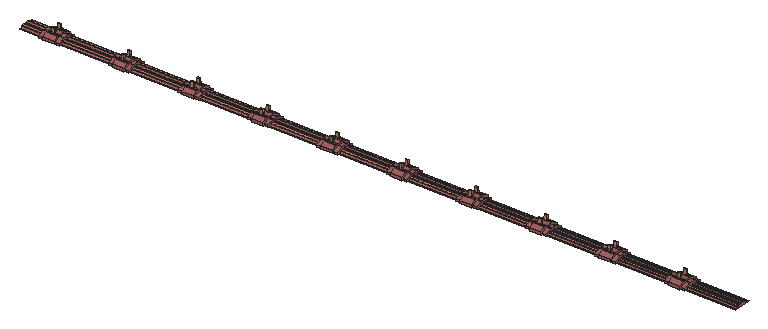
Revit family "BirdControl_Wire_BirdBGone_Jolt2002", category Specialty Equipment, Revit 2018
Family settings
  Round Connector Dimension = Use Diameter
  Part Type = Normal
  OmniClass Number = 23.40.10.14.14.99
  OmniClass Title = Other Manufactured Exterior Specialties
  Cut with Voids When Loaded = No
  Shared = No
  Room Calculation Point = No
Parameters (values of type "Wire System")
  Warranty Duration (Years) = 0
  URL = "http://www.birdbgone.com/"
  Test Data = "http://www.birdbgone.com/bird-control-product-msds"
  Supports_Array [instance] = if(Supports > 1, Supports, 2)  # 10
  Supports [instance] = if(not(Int < Length Div), Int, Int + 1)  # 10
  Spacing = 0' - 7"
  Int [instance] = Length Div  # 10
  Specification = "http://www.arcat.com/sdspecs/htm/10290bir.htm"
  SpecWizard = ""
  Send Message = "http://www.arcat.com/users.pl?action=UserEmail&company=Bird-B-Gone,%20Inc.&coid=38371&rep=147&fax=949-472-3116&mf="
  Sales Information = "http://www.birdbgone.com/bird-control-store/"
  Revision = "R1_10-2010"
  Product Properties = "http://www.arcat.com/bim/bim_info.pl?fn=BirdBGone"
  Product Data = "http://www.arcat.com/arcatcos/cos38/arc38371.html"
  Model = "As Specified in 10 81 19"
  Material = Plastic - Bird B Gone - Polycarbonate - Brick Red
  Manufacturer Website = "http://www.birdbgone.com/"
  Manufacturer Phone - Toll Free = "800-392-6915"
  Manufacturer Phone = "949-472-3122"
  Manufacturer Fax = "949-472-3116"
  Manufacturer Address = "23918 Skyline, Mission Viejo, CA 92692"
  Manufacturer = "Bird-B-Gone, Inc."
  Maintenance Schedule (Months) = 0
  Length Div [instance] = ([built-in parameter 1001306] - 0' 3") / Spacing  # 9.8571
  built-in parameter 1001306 [instance] = 6' - 0"
  Keynote = "10 81 19"
  Installation-Fabrication = "http://www.birdbgone.com/installation-instructions"
  Installation Phase = ""
  Green Building-LEED = "http://www.arcat.com/green/clients/leed_data_38371.html"
  Expected Lifespan (Years) = 0
  Drawn By = "Robert S. Weygant, CSI, CDT, SCIP"
  Description = "Bird Control Equipment as Specified in 10 81 19"
  Copyright = "2010 ARCAT, Inc."
  Construction Details = "http://www.arcat.com/details/birdbgon/birdbgon.html?coid=38371"
  Building Codes = "http://www.birdbgone.com/knowledge-center/"
  Assembly Code = "E1090900"
  Angle_Start [instance] = 0.00°
  Angle_End [instance] = 0.00°
Reference planes (in)
  plane 1 "Center (Front/Back)": y = 0
  plane 2: z = 0
  plane 3 "Left": x = 0
  plane 4 "Right": x = 72
  plane 5 "Wire": z = 1
Forms (in)
  Extrusion 1, void
    sketch origin (0, 0, 0) x (1, 0, 0) y (0, 1, 0)
      loop
        line (72, 1) -> (72, -0.875) -> (85, -0.875) -> (85, 1) -> (72, 1)
    from 0 to 1.38967
  Extrusion 2, void
    sketch origin (0, 0, 0) x (1, 0, 0) y (0, 1, 0)
      loop
        line (-13, 0.89512) -> (-13, -0.82796) -> (0, -0.82796) -> (0, 0.89512) -> (-13, 0.89512)
    from 0 to 1.60875
  Extrusion 3, solid, material "Plastic - Bird B Gone - Polycarbonate - Brick Red" <- "Material"
    sketch origin (0, 0, 0) x (0, 1, 0) y (0, 0, 1)
      loop
        line (-0.8125, 0) -> (0.8125, 0) -> (0.8125, 0.05302)
        arc (0.8125, 0.05302) -> (0.48535, 0.17766) -> (0.14046, 0.23777) r 1.831
        line (0.14046, 0.23777) -> (0.14046, 0.3071)
        arc (0.14046, 0.3071) -> (0, 0.3125) -> (-0.14046, 0.3071) r 1.831
        line (-0.14046, 0.3071) -> (-0.14046, 0.23777)
        arc (-0.14046, 0.23777) -> (-0.48535, 0.17766) -> (-0.8125, 0.05302) r 1.831
        line (-0.8125, 0.05302) -> (-0.8125, 0)
    from -2.40049 to 76.6163
  Extrusion 4, solid, material "Metal - Copper - Bird B Gone"
    sketch origin (0, 0, 0) x (0, 1, 0) y (0, 0, 1)
      loop
        arc (0.36195, 0.20703) -> (0.45768, 0.18504) -> (0.5521, 0.15794) r 1.831
        line (0.5521, 0.15794) -> (0.57274, 0.22062)
        arc (0.57274, 0.22062) -> (0.47505, 0.2498) -> (0.37589, 0.2735) r 1.831
        line (0.37589, 0.2735) -> (0.36195, 0.20703)
      loop
        line (-0.57274, 0.22062) -> (-0.5521, 0.15794)
        arc (-0.5521, 0.15794) -> (-0.45768, 0.18504) -> (-0.36195, 0.20703) r 1.831
        line (-0.36195, 0.20703) -> (-0.37589, 0.2735)
        arc (-0.37589, 0.2735) -> (-0.47505, 0.2498) -> (-0.57274, 0.22062) r 1.831
    from -2.40049 to 76.6163
Cuts and joins
  Extrusion 1, Extrusion 2 cuts Extrusion 3
  Extrusion 1, Extrusion 2 cuts Extrusion 4
Lines and regions (in)
  reference lines
    curve 1: line (0, 0, 0) -> (72, 0, 0)
    curve 2: line (0, 0, 1) -> (0, 1.91806, 1)
    curve 3: line (72, 0, 1) -> (72, 18.5, 1)
Dimensions and locks (in)
  "built-in parameter 1001306": plane 3 "Left" to plane 4 "Right"
  equal spacing: group 1, group 2, group 3, group 4, group 5, group 6, group 7, group 8, group 9, group 10  (x3)
  locked: plane 5 "Wire" to level at 1
  locked: plane 3 "Left" to nested 1 at 3
  locked: plane 4 "Right" to Extrusion 1 sketch curve at 13
  locked: Extrusion 2 sketch curve to plane 3 "Left" at 13
  Extrusion 2 sketch curve to plane 1 "Center (Front/Back)" to Extrusion 2 sketch curve = 0' - 0.82796" locked, 0' - 0.89512" locked
  Extrusion 1 sketch curve to plane 1 "Center (Front/Back)" to Extrusion 1 sketch curve = 0' - 0 7/8" locked, 0' - 1" locked
  locked: plane 4 "Right" to Extrusion 3 at 4.6163
  locked: plane 4 "Right" to Extrusion 4 at 4.6163
  "Spacing": nested 1 to nested 2
  "Angle_End": angle plane 4 "Right" to curve 3
  "Angle_Start": angle plane 3 "Left" to curve 2
  aligned and locked: plane 4 "Right" to curve 1
  aligned and locked: plane 3 "Left" to curve 1
  aligned and locked: Extrusion 1 sketch curve to curve 3
  aligned and locked: Extrusion 2 sketch curve to curve 2
Automatic sketch dimensions
  curve 1 to plane 1 "Center (Front/Back)" = 0' - 0"
  curve 3 to plane 1 "Center (Front/Back)" = 0' - 0"
  curve 3 to plane 4 "Right" = 0' - 0"
  curve 2 to plane 1 "Center (Front/Back)" = 0' - 0"
  curve 2 to plane 3 "Left" = 0' - 0"
  Extrusion 3 sketch curve to Extrusion 3 sketch curve = 0' - 0"  (x2)
  Extrusion 3 sketch curve to level = 0' - 0"
  Extrusion 3 sketch curve to plane 1 "Center (Front/Back)" = 0' - 0"  (x2)
  plane 1 "Center (Front/Back)" to Extrusion 3 sketch curve = 0' - 0.14046"
  Extrusion 3 sketch curve to Extrusion 3 sketch curve = 0' - 0.67204"  (x2)
  Extrusion 3 sketch curve to plane 1 "Center (Front/Back)" = 0' - 0.14046"
  level to Extrusion 3 sketch curve = 0' - 0.05302"
  Extrusion 3 sketch curve to level = 0' - 1.5185"
  Extrusion 3 sketch curve to Extrusion 3 sketch curve = 0' - 0.06934"  (x2)
  Extrusion 3 sketch curve to Extrusion 3 sketch curve = 0' - 0.05302"
  Extrusion 4 sketch curve to Extrusion 4 sketch curve = 0' - 0"  (x4)
  Extrusion 4 sketch curve to plane 1 "Center (Front/Back)" = 0' - 0"  (x2)
  plane 1 "Center (Front/Back)" to Extrusion 4 sketch curve = 0' - 0.36195"
  Extrusion 4 sketch curve to Extrusion 4 sketch curve = 0' - 0.01394"  (x2)
  Extrusion 4 sketch curve to Extrusion 4 sketch curve = 0' - 0.19015"  (x2)
  Extrusion 4 sketch curve to Extrusion 4 sketch curve = 0' - 0.02064"  (x2)
  level to Extrusion 4 sketch curve = 0' - 0 53/256"
  Extrusion 4 sketch curve to plane 1 "Center (Front/Back)" = 0' - 0.36195"
  level to Extrusion 4 sketch curve = 0' - 0.2735"
  level to Extrusion 4 sketch curve = 0' - 0.15794"  (x2)
  level to Extrusion 4 sketch curve = 0' - 0.22062"
  Extrusion 4 sketch curve to Extrusion 4 sketch curve = 0' - 0.06268"
Nested families (in)
  nested 1: "Support_Jolt" at (3, 0, 0) x (0, 1, 0) z (0, 0, 1), Material <- "Material", type "BirdBGone template - Standalone"
    with offset 0' - 0", Unit Height 0' - 0 3/4", Material Plastic - Bird B Gone - Polycarbonate - Brick Red
  nested 2: "Support_Jolt" at (10, 0, 0) x (0, 1, 0) z (0, 0, 1), Material <- "Material", type "BirdBGone template - Standalone"
    with offset 0' - 0", Unit Height 0' - 0 3/4", Material Plastic - Bird B Gone - Polycarbonate - Brick Red
  nested 3: "Support_Jolt" at (17, 0, 0) x (0, 1, 0) z (0, 0, 1), Material <- "Material", type "BirdBGone template - Standalone"
    with offset 0' - 0", Unit Height 0' - 0 3/4", Material Plastic - Bird B Gone - Polycarbonate - Brick Red
  nested 4: "Support_Jolt" at (24, 0, 0) x (0, 1, 0) z (0, 0, 1), Material <- "Material", type "BirdBGone template - Standalone"
    with offset 0' - 0", Unit Height 0' - 0 3/4", Material Plastic - Bird B Gone - Polycarbonate - Brick Red
  nested 5: "Support_Jolt" at (31, 0, 0) x (0, 1, 0) z (0, 0, 1), Material <- "Material", type "BirdBGone template - Standalone"
    with offset 0' - 0", Unit Height 0' - 0 3/4", Material Plastic - Bird B Gone - Polycarbonate - Brick Red
  nested 6: "Support_Jolt" at (38, 0, 0) x (0, 1, 0) z (0, 0, 1), Material <- "Material", type "BirdBGone template - Standalone"
    with offset 0' - 0", Unit Height 0' - 0 3/4", Material Plastic - Bird B Gone - Polycarbonate - Brick Red
  nested 7: "Support_Jolt" at (45, 0, 0) x (0, 1, 0) z (0, 0, 1), Material <- "Material", type "BirdBGone template - Standalone"
    with offset 0' - 0", Unit Height 0' - 0 3/4", Material Plastic - Bird B Gone - Polycarbonate - Brick Red
  nested 8: "Support_Jolt" at (52, 0, 0) x (0, 1, 0) z (0, 0, 1), Material <- "Material", type "BirdBGone template - Standalone"
    with offset 0' - 0", Unit Height 0' - 0 3/4", Material Plastic - Bird B Gone - Polycarbonate - Brick Red
  nested 9: "Support_Jolt" at (59, 0, 0) x (0, 1, 0) z (0, 0, 1), Material <- "Material", type "BirdBGone template - Standalone"
    with offset 0' - 0", Unit Height 0' - 0 3/4", Material Plastic - Bird B Gone - Polycarbonate - Brick Red
  nested 10: "Support_Jolt" at (66, 0, 0) x (0, 1, 0) z (0, 0, 1), Material <- "Material", type "BirdBGone template - Standalone"
    with offset 0' - 0", Unit Height 0' - 0 3/4", Material Plastic - Bird B Gone - Polycarbonate - Brick Red
Definition of nested family "Support_Jolt"
  Parameters
    offset [instance] = 0' - 0"
    Warranty Duration (Years) = 0
    Unit Width = 0' - 7"
    Unit Height [instance] = 0' - 0 3/4"
    Unit Depth = 0' - 0 1/4"
    URL = "http://www.birdbgone.com/"
    Test Data = "http://www.birdbgone.com/bird-control-product-msds"
    Specification = "http://www.arcat.com/sdspecs/htm/10290bir.htm"
    SpecWizard = ""
    Send Message = "http://www.arcat.com/users.pl?action=UserEmail&company=Bird-B-Gone,%20Inc.&coid=38371&rep=147&fax=949-472-3116&mf="
    Sales Information = "http://www.birdbgone.com/bird-control-store/"
    Revision = "R1_10-2010"
    Product Properties = "http://www.arcat.com/bim/bim_info.pl?fn=BirdBGone"
    Product Data = "http://www.arcat.com/arcatcos/cos38/arc38371.html"
    Model = "As Specified in 10 81 19"
    Material [instance] = none
    Manufacturer Website = "http://www.birdbgone.com/"
    Manufacturer Phone - Toll Free = "800-392-6915"
    Manufacturer Phone = "949-472-3122"
    Manufacturer Fax = "949-472-3116"
    Manufacturer Address = "23918 Skyline, Mission Viejo, CA 92692"
    Manufacturer = "Bird-B-Gone, Inc."
    Maintenance Schedule (Months) = 0
    Keynote = "10 81 19"
    Installation-Fabrication = "http://www.birdbgone.com/installation-instructions"
    Installation Phase = ""
    Green Building-LEED = "http://www.arcat.com/green/clients/leed_data_38371.html"
    Expected Lifespan (Years) = 0
    Drawn By = "Robert S. Weygant, CSI, CDT, SCIP"
    Description = "Bird Control Equipment as Specified in 10 81 19"
    Copyright = "wt"
    Construction Details = "http://www.arcat.com/details/birdbgon/birdbgon.html?coid=38371"
    Building Codes = "http://www.birdbgone.com/knowledge-center/"
    Assembly Code = "E1090900"
  Reference planes (in)
    plane 1 "Center (Front/Back)": y = 0
    plane 2 "Bottom": z = 0
    plane 3 "Center (Left/Right)": x = 0
  Forms (in)
    Extrusion 1, solid, material <- "Material"
      sketch origin (0, 0, 0) x (1, 0, 0) y (0, 0, 1)
        loop
          line (-0.90625, 0) -> (-0.8125, 0) -> (-0.8125, 0.05302)
          arc (-0.8125, 0.05302) -> (-0.68431, 0.11048) -> (-0.5521, 0.15794) r 1.831
          line (-0.5521, 0.15794) -> (-0.57274, 0.22062)
          arc (-0.57274, 0.22062) -> (-0.47505, 0.2498) -> (-0.37589, 0.2735) r 1.831
          line (-0.37589, 0.2735) -> (-0.36195, 0.20703)
          arc (-0.36195, 0.20703) -> (-0.25167, 0.22578) -> (-0.14046, 0.23777) r 1.831
          line (-0.14046, 0.23777) -> (-0.14046, 0.3071)
          arc (-0.14046, 0.3071) -> (0, 0.3125) -> (0.14046, 0.3071) r 1.831
          line (0.14046, 0.3071) -> (0.14046, 0.23777)
          arc (0.14046, 0.23777) -> (0.25167, 0.22578) -> (0.36195, 0.20703) r 1.831
          line (0.36195, 0.20703) -> (0.37589, 0.2735)
          arc (0.37589, 0.2735) -> (0.47505, 0.2498) -> (0.57274, 0.22062) r 1.831
          line (0.57274, 0.22062) -> (0.5521, 0.15794)
          arc (0.5521, 0.15794) -> (0.68431, 0.11048) -> (0.8125, 0.05302) r 1.831
          line (0.8125, 0.05302) -> (0.8125, 0) -> (0.90625, 0) -> (0.90625, 0.16592) -> (0.25447, 0.39035) -> (0.25447, 0.4375) -> (-0.25447, 0.4375) -> (-0.25447, 0.39035) -> (-0.90625, 0.16592) -> (-0.90625, 0)
      from -1.03125 to 1.03125
    Extrusion 2, solid, material <- "Material"
      sketch origin (0, 0, 0) x (1, 0, 0) y (0, 0, 1)
        loop
          line (0.90625, 0) -> (1, 0) -> (1, 0.23279) -> (0.51456, 0.47067) -> (0.30916, 0.47067) -> (0.30916, 0.53125) -> (-0.30916, 0.53125) -> (-0.30916, 0.47067) -> (-0.51456, 0.47067) -> (-1, 0.23279) -> (-1, 0) -> (-0.90625, 0) -> (-0.90625, 0.16592) -> (-0.25447, 0.39035) -> (-0.25447, 0.4375) -> (0.25447, 0.4375) -> (0.25447, 0.39035) -> (0.90625, 0.16592) -> (0.90625, 0)
      from -0.57813 to 0.57813
    Extrusion 3, solid
      sketch origin (0, 0, 0) x (0, 1, 0) y (0, 0, -1)
        loop
          line (0.1367, -1.0625) -> (0.1367, -0.73073) -> (0.17354, -0.73073) -> (0.17354, -0.69198) -> (0.03867, -0.53125) -> (0.24738, -0.53125) -> (0.24738, -0.47067) -> (-0.24738, -0.47067) -> (-0.24738, -0.53125) -> (-0.03867, -0.53125) -> (-0.17354, -0.69198) -> (-0.17354, -0.73073) -> (-0.1367, -0.73073) -> (-0.1367, -1.0625) -> (0.1367, -1.0625)
      from 0.40625 to 0.34375
    Extrusion 4, solid
      sketch origin (0, 0, 0) x (0, 1, 0) y (0, 0, 1)
        loop
          line (0.1367, 1.0625) -> (-0.1367, 1.0625) -> (-0.1367, 0.73073) -> (-0.17354, 0.73073) -> (-0.17354, 0.69198) -> (-0.03867, 0.53125) -> (-0.24738, 0.53125) -> (-0.24738, 0.47067) -> (0.24738, 0.47067) -> (0.24738, 0.53125) -> (0.03867, 0.53125) -> (0.17354, 0.69198) -> (0.17354, 0.73073) -> (0.1367, 0.73073) -> (0.1367, 1.0625)
      from 0.40625 to 0.34375
